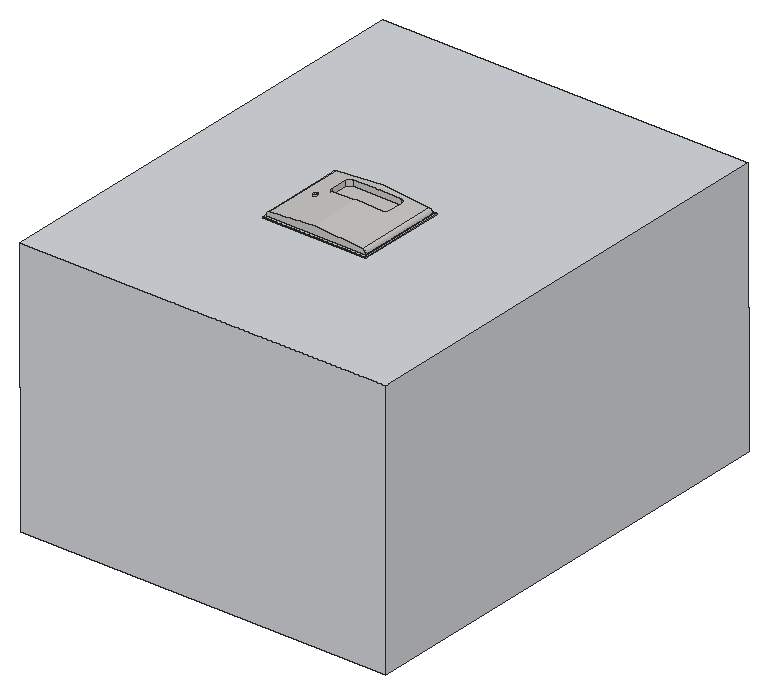
Revit family
Parameters
  box depth [instance] = 0' - 4"
  Warranty Duration (Years) = 0
  Unit Width [instance] = 0' - 0"
  Unit Height [instance] = 0' - 0"
  Unit Depth = 0' - 0"
  URL = "http://www.americanspecialties.com/viewCategories.cfm"
  Trim Material = Metal - Stainless Steel
  Test Data = ""
  Specification = "http://www.arcat.com/sdspecs/htm/10810asi.htm"
  SpecWizard = ""
  Send Message = "http://www.arcat.com/users.pl?action=UserEmail&company=American%20Specialties,%20Inc.&coid=30448&rep=139&fax=914-476-0688&mf="
  Sales Information = "http://www.americanspecialties.com/contact"
  Revision = "R1_10-2010"
  Product Properties = "http://www.americanspecialties.com/datasheets/20470.pdf"
  Product Data = "http://www.arcat.com/arcatcos/cos30/arc30448.html"
  Model = "As Specified in 10 28 13"
  Manufacturer Website = "http://www.americanspecialties.com/viewCategories.cfm"
  Manufacturer Phone - Toll Free = ""
  Manufacturer Phone = "914-476-9000 "
  Manufacturer Fax = "914-476-0688"
  Manufacturer Address = "441 Saw Mill River Rd., Yonkers, NY 10701"
  Manufacturer = "American Specialties, Inc."
  Maintenance Schedule (Months) = 0
  Keynote = "10 28 13"
  Installation-Fabrication = "http://www.americanspecialties.com/products.cfm"
  Green Building-LEED = ""
  Expected Lifespan (Years) = 0
  Drawn By = "Robert S. Weygant. CSI, CDT, SCIP"  # constant formula
  Description = "Toilet Accessory as Specified in 10 28 13"
  Default Elevation = 4' - 0"
  Copyright = "©Arcat Inc."
  Construction Details = "http://www.arcat.com/green/clients/leed_data_30448.html"
  Building Codes = "http://www.americanspecialties.com/products.cfm"
  Body Material = Metal - Stainless Steel
  Assembly Code = "C1030210"
Reference planes (in)
  plane 1 "Center (Front/Back)": y = -0.29112
  plane 2 "Floor Line": z = 0
  plane 3 "Center (Left/Right)": x = -0.65843
Forms (in)
  Extrusion 1, solid
    sketch origin (-3, -9, -6) x (0, 0, -1) y (1, 0, 0)
      loop
        line (26.17614, 26) -> (-6, 26) -> (-6, -19.34712) -> (26.17614, -19.34712) -> (26.17614, 26)
    from 15.29112 to -41.06337
  Extrusion 2, solid, material "Metal - Stainless Steel" <- "Body Material"
    sketch origin (0, 0, -3.9375) x (1, 0, 0) y (0, 1, 0)
      loop
        line (-6.15843, 4.27138) -> (-6.15843, -4.85362) -> (4.84157, -4.85362) -> (4.84157, 4.27138) -> (-6.15843, 4.27138)
    from 0 to 3.9375
  Extrusion 3, solid, material "Metal - Stainless Steel" <- "Body Material"
    sketch origin (0, -0.29112, 0) x (1, 0, 0) y (0, 0, 1)
      loop
        line (-6.81468, 0.125) -> (5.49782, 0.125) -> (5.49782, 0.17785)
        arc (5.49782, 0.17785) -> (5.38381, 0.49568) -> (5.09377, 0.66856) r 0.5
        arc (5.09377, 0.66856) -> (-0.64994, 1.24892) -> (-6.40249, 0.76388) r 31.28001
        arc (-6.40249, 0.76388) -> (-6.69803, 0.59266) -> (-6.81468, 0.27165) r 0.5
        line (-6.81468, 0.27165) -> (-6.81468, 0.125)
    from -5.1875 to 5.1875
  Extrusion 4, solid, material "Metal - Stainless Steel" <- "Body Material"
    sketch origin (0, -0.29112, 0) x (1, 0, 0) y (0, 0, 1)
      loop
        arc (-7.06468, 0.0625) -> (-7.04638, 0.01831) -> (-7.00218, 0) r 0.0625
        line (-7.00218, 0) -> (5.68532, 0)
        arc (5.68532, 0) -> (5.72951, 0.01831) -> (5.74782, 0.0625) r 0.0625
        arc (5.74782, 0.0625) -> (5.72951, 0.10669) -> (5.68532, 0.125) r 0.0625
        line (5.68532, 0.125) -> (-7.00218, 0.125)
        arc (-7.00218, 0.125) -> (-7.04638, 0.10669) -> (-7.06468, 0.0625) r 0.0625
    from -5.5 to 5.5
  Extrusion 5, void
    sketch origin (0, 0, 0) x (1, 0, 0) y (0, 1, 0)
      loop
        arc (2.34157, 0.91201) -> (2.69512, 1.05845) -> (2.84157, 1.41201) r 0.5
        line (2.84157, 1.41201) -> (2.84157, 3.41201)
        arc (2.84157, 3.41201) -> (2.69512, 3.76556) -> (2.34157, 3.91201) r 0.5
        line (2.34157, 3.91201) -> (-3.65843, 3.91201)
        arc (-3.65843, 3.91201) -> (-4.01199, 3.76556) -> (-4.15843, 3.41201) r 0.5
        line (-4.15843, 3.41201) -> (-4.15843, 1.41201)
        arc (-4.15843, 1.41201) -> (-4.01199, 1.05845) -> (-3.65843, 0.91201) r 0.5
        line (-3.65843, 0.91201) -> (2.34157, 0.91201)
    from 0.4375 to 1.25
  Extrusion 6, solid, material "Metal - Stainless Steel" <- "Trim Material"
    sketch origin (0.11575, 0, 0.2692) x (0.992546, 0, 0.121869) y (0, 1, 0)
      loop
        circle (-4.90843, -0.29112) r 0.25
      loop
        line (-4.94235, -0.08031) -> (-4.94235, -0.51074) -> (-4.87451, -0.51074) -> (-4.87451, -0.08031) -> (-4.94235, -0.08031)
    from 1.24939 to 1.30396
Cuts and joins
  Extrusion 5 cuts Extrusion 2
  Extrusion 5 cuts Extrusion 3
  Extrusion 5 cuts Extrusion 4
Dimensions and locks (in)
  aligned and locked: Extrusion 1 to level
